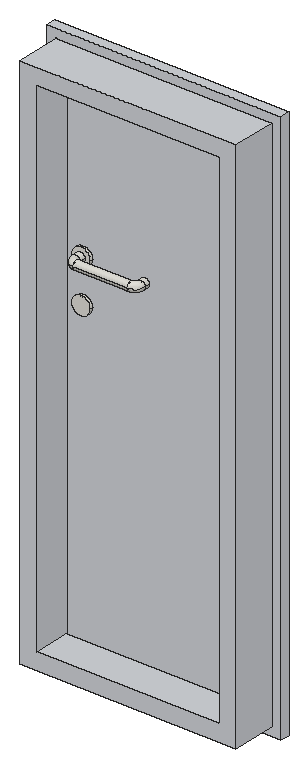
Revit family
Parameters (values of type "FSD3")
  프레임 투영 외부 = 25 mm
  프레임 투영 내부 = 25 mm
  프레임 폭 = 25 mm
  창호부호 = "FSD"
  Function = (empty or 0)
  Assembly Code = ""
  문틀재료 = ""
  문틀마감 = ""
  문짝재료 = ""
  문짝마감 = ""
  문번호 = ""
  Height = 1500 mm
  Wall Closure = (empty or 0)
  Width = 600 mm
Reference planes
  plane 1: y = 0
  plane 2 "중심(왼쪽/오른쪽)": x = 0
  plane 3 "왼쪽": x = -300
  plane 4 "오른쪽": x = 300
  plane 5: z = 1500
  plane 6 "외부": y = 95
  plane 7 "내부": y = -95
  plane 8 "축": x = -190
  plane 9: z = 940
  plane 10: y = 75
  plane 11: y = -75
Forms (mm)
  Extrusion 1, solid
    sketch origin (-3050, 95, 0) x (-1, 0, 0) y (0, 0, 1)
      loop
        line (-2750, 0) -> (-2750, 1500) -> (-3350, 1500) -> (-3350, 0) -> (-2750, 0)
      loop
        line (-2725, -25) -> (-2725, 1525) -> (-3375, 1525) -> (-3375, -25) -> (-2725, -25)
    from 0 to 25
  Sweep 2, solid
    path origin (0, -95, 0) x (1, 0, 0) y (0, 0, 1)
      loop
        line (-300, 0) -> (300, 0) -> (300, 1500) -> (-300, 1500) -> (-300, 0)
    profile origin (-300, -95, 750) x (-1, 0, 0) y (0, -1, 0)
      loop
        line (0, -65) -> (-45, -65) -> (-45, -170) -> (-30, -170) -> (-30, -215) -> (0, -215) -> (0, -65)
  Extrusion 3, solid
    sketch origin (0, 0, 0) x (1, 0, 0) y (0, 1, 0)
      loop
        line (-270, 75) -> (270, 75) -> (270, 115) -> (-270, 115) -> (-270, 75)
    from 0 to 1470
  Revolve 4, solid
    sketch origin (-190, 20, 0) x (0, -1, 0) y (0, 0, 1)
      loop
        arc (-114.576, 952.903) -> (-149.211, 974.937) -> (-180.957, 948.912) r 35
        line (-180.957, 948.912) -> (-177.421, 945.376) -> (-177.421, 940) -> (-75, 940) -> (-75, 952.903) -> (-114.576, 952.903)
      axis (-75, 940) -> (-180.957, 940)
    angle from 0 to 360
Lines and regions (mm)
  Opening 1
    outline origin (-3050, -95, 0) x (1, 0, 0) y (0, 0, 1)
      loop
        line (2750, 0) -> (3350, 0) -> (3350, 1500) -> (2750, 1500) -> (2750, 0)
  symbolic lines, style "입면도 스윙"
    curve 1: line (300, -95, 750) -> (-300, -95, 1500)
    curve 2: line (-300, 95, 0) -> (300, 95, 750)
  symbolic lines, style "Doors"
    curve 3: line (-236.819, 250.802, 0) -> (270, 115, 0)
    curve 4: line (-247.172, 212.165, 0) -> (-236.819, 250.802, 0)
    curve 5: line (259.647, 76.363, 0) -> (-247.172, 212.165, 0)
    curve 6: line (270, 115, 0) -> (259.647, 76.363, 0)
    curve 7: arc (-270.965, 120, 0) -> (-261.743, 166.773, 0) -> (-247.172, 212.165, 0) r 411.396
Text (mm)
  text "Exterior" at (-2295.016, 1099.543, 0), in view "참조 레벨"
  text "Exterior" at (0, 1615.38, 3698.081), in view "왼쪽"
  text "Exterior" at (0, 1036.032, 3874.932), in view "오른쪽"
Dimensions and locks
  equal spacing: plane 3 "왼쪽", plane 2 "중심(왼쪽/오른쪽)", plane 4 "오른쪽"
  "Width": plane 3 "왼쪽" to plane 4 "오른쪽"
  "Height": plane 5 to host wall
  host wall to plane 5 = 1500 mm  (x2)
  "프레임 투영 외부": Extrusion 1 to Extrusion 1
  "프레임 폭": plane 4 "오른쪽" to Extrusion 1 sketch curve
  "프레임 폭": plane 3 "왼쪽" to Extrusion 1 sketch curve
  "프레임 폭": plane 5 to Extrusion 1 sketch curve
  locked: plane 6 "외부" to host wall at 0
  locked: plane 7 "내부" to host wall
  locked: plane 3 "왼쪽" to plane 8 "축" at 110
  "프레임 폭": Extrusion 1 sketch curve to Extrusion 3
  aligned and locked: plane 3 "왼쪽" to Opening 1 sketch curve
  aligned and locked: plane 5 to Opening 1 sketch curve  (x2)
  aligned and locked: Opening 1 sketch curve to plane 4 "오른쪽"
  aligned and locked: Opening 1 sketch curve to level
  aligned and locked: plane 3 "왼쪽" to Extrusion 1 sketch curve
  aligned and locked: plane 5 to Extrusion 1 sketch curve  (x2)
  aligned and locked: plane 5 to curve 1
  aligned and locked: plane 1 to host wall
  aligned and locked: Extrusion 3 sketch curve to Sweep 2  (x2)
  aligned and locked: Extrusion 3 to Sweep 2
  aligned and locked: Sweep 2 sketch curve to plane 5
  aligned and locked: Sweep 2 sketch curve to plane 4 "오른쪽"
  aligned and locked: plane 3 "왼쪽" to Sweep 2 sketch curve
Automatic sketch dimensions
  Extrusion 3 sketch curve to host wall = 20 mm
  host wall to Extrusion 3 sketch curve = 20 mm
  Extrusion 1 sketch curve to level = 0 mm
  Extrusion 1 sketch curve to plane 4 "오른쪽" = 0 mm
  curve 2 to level = 0 mm
  curve 2 to plane 3 "왼쪽" = 0 mm
  curve 1 to plane 3 "왼쪽" = 0 mm
  curve 2 to plane 4 "오른쪽" = 0 mm
  curve 2 to curve 1 = 0 mm
  curve 1 to plane 4 "오른쪽" = 0 mm
  level to curve 2 = 750 mm
  Sweep 2 sketch curve to level = 0 mm
  Sweep 2 sketch curve to profile plane = 0 mm
  Sweep 2 sketch curve to Sweep 2 sketch curve = 30 mm
  Sweep 2 sketch curve to Sweep 2 sketch curve = 45 mm  (x2)
  Sweep 2 sketch curve to plane 7 "내부" = 215 mm
  Sweep 2 sketch curve to plane 7 "내부" = 65 mm
  Revolve 4 sketch curve to plane 9 = 0 mm  (x3)
  Revolve 4 sketch curve to host wall = 0 mm
  host wall to Revolve 4 sketch curve = 39.576 mm
  Revolve 4 sketch curve to Revolve 4 sketch curve = 5.424 mm
  Revolve 4 sketch curve to Revolve 4 sketch curve = 27.11 mm
  Revolve 4 sketch curve to Revolve 4 sketch curve = 30.311 mm
  Revolve 4 sketch curve to Revolve 4 sketch curve = 3.536 mm  (x2)
  Revolve 4 sketch curve to Revolve 4 sketch curve = 40.677 mm
  Revolve 4 sketch curve to plane 9 = 12.903 mm
  curve 7 to plane 3 "왼쪽" = 29.035 mm
  curve 5 to plane 3 "왼쪽" = 52.828 mm
  curve 4 to curve 4 = 10.353 mm
  curve 7 to plane 10 = 11.062 mm
  plane 2 "중심(왼쪽/오른쪽)" to curve 7 = 136.594 mm
  plane 10 to curve 6 = 1.363 mm
  plane 4 "오른쪽" to curve 6 = 40.353 mm
  curve 6 to curve 3 = 38.637 mm
Nested families
  nested 1: "KO_Door Handle" at (-210, 75, 0), type "KO_Door Handle"
Definition of nested family "KO_Door Handle"
  Reference planes
    plane 1 "중심(앞/뒤)": y = 0
    plane 2: z = 0
    plane 3 "중심(왼쪽/오른쪽)": x = 0
    plane 4 "하드웨어": z = 1000
  Forms (mm)
    Sweep 1, solid, material "하드웨어", detail levels fine
      path origin (0, 0, 1000) x (0, -1, 0) y (1, 0, 0)
        loop
          line (0, 0) -> (25, 0)
          arc (25, 0) -> (35.607, 4.393) -> (40, 15) r 15
          line (40, 15) -> (40, 165)
          arc (40, 165) -> (35.607, 175.607) -> (25, 180) r 15
          line (25, 180) -> (10, 180)
      profile origin (0, -12.5, 0) x (1, 0, 0) y (0, 0, 1)
        loop
          circle (0, 1000) r 12
    Extrusion 2, solid, material "하드웨어", detail levels fine
      sketch origin (0, 0, 0) x (1, 0, 0) y (0, 0, 1)
        loop
          circle (1.5, 1000) r 25
      from 0 to 8
    Extrusion 3, solid, material "하드웨어", detail levels fine
      sketch origin (0, 0, -120) x (1, 0, 0) y (0, 0, 1)
        loop
          circle (1.5, 1000) r 25
      from 0 to 8
  Cuts and joins
    joined: Sweep 1, Extrusion 2
  Dimensions and locks
    locked: plane 4 "하드웨어" to plane 2 at 1000
    locked: plane 4 "하드웨어" to Extrusion 3 at 120
